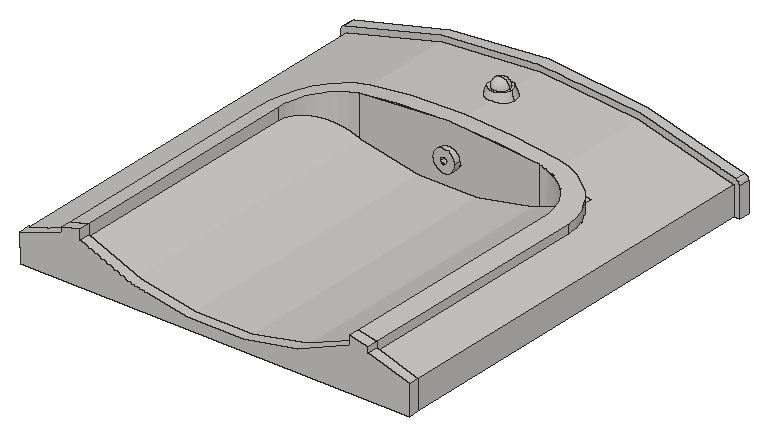
Revit family "Bottle_Filler-Murdock-H2O-To-Go-BFI1-BF12_Series", category Plumbing Fixtures, host Face, Revit 2018
Family settings
  Host = Face
  Round Connector Dimension = Use Diameter
  Part Type = Normal
  OmniClass Number = 23.65.70.14.11
  OmniClass Title = Drinking Fountains/Coolers
  Cut with Voids When Loaded = Yes
  Shared = Yes
  Room Calculation Point = No
Parameters (values of type "BF11")
  Width = 3 1/8"  # constant formula
  Waste Connection = no
  Warranty Information = "Murdock Mfg.™ warrants that its products are free from defects in material or workmanship under normal use and service for a period of 18 months from date of shipment."  # constant formula
  WFU = 2  # constant formula
  Vent Connection = no
  URL = "https://www.murdockmfg.com/home"
  Type Comments = "This push button activated bottle filler connects to a A17 Water Cooler."
  Transformer Specification = "N/A"
  Sensor Visibility = no
  Pushbutton Visibility = yes
  Product Page URL = "https://www.murdockmfg.com/product.aspx?ProductId=895"
  Product Documentation Link = "https://www.murdockmfg.com/uploads/fileLibrary/BF11.pdf"
  Price = "Prices may vary. Please consult Manufacturer Representative for most up-to-date price list."  # constant formula
  Mounting Height From Floor LVL = 30 5/8"
  Model = "BF11"
  Maximum Run Time = "N/A"
  Material = "Stainless Steel-Murdock-Satin"
  Manufacturer = "Murdock Mfg."  # constant formula
  Length = 18 1/4"  # constant formula
  Installation Type = "Wall Mounted"  # constant formula
  Inner Panel Material = Steel-Murdock-Galvannealed
  IAPMO Compliance = "Optional -WF1 has NSF/ANSI 42 & 53 certification"  # constant formula
  Housing Material = Stainless Steel-Murdock-Satin
  Height = 19 1/8"  # constant formula
  HWFU = 1.5  # constant formula
  HW Connection = no
  Flow Rate = "1.00 GPM"  # constant formula
  Description = "Push Button Deck Mount H2O to Go!® Bottler Filler"
  Default Elevation = 0"
  Creation Date = "02/25/2021"  # constant formula
  Cold Water Connection Width = 2"
  Cold Water Connection Radius = Cold Water Connection Diameter / 2  # 3/16"
  Cold Water Connection Height = 19 3/8"
  Cold Water Connection Diameter = 3/8"  # constant formula
  CWFU = 1.5  # constant formula
  CW Connection = yes
  BCD - Bottle Counter Display = no
  BAT Battery Powered Operation = no
  Assembly Code = "D2010820"
  ADA Compliant = yes
  -WF1 1500-gallon capacity, NSF 42+53,1 micron Lead Reduction Filter = no
Types (5): name | Type Comments | Transformer Specification | Sensor Visibility | Pushbutton Visibility | Product Page URL | Product Documentation Link | Model | Maximum Run Time | Description | BCD - Bottle Counter Display | BAT Battery Powered Operation
  (no name) | "This push button activated bottle filler connects to a A17 Water Cooler." | "N/A" | no | yes | "https://www.murdockmfg.com/product.aspx?ProductId=895" | "https://www.murdockmfg.com/uploads/fileLibrary/BF11.pdf" | "BF11" | "N/A" | "Push Button Deck Mount H2O to Go!® Bottler Filler" | no | no
  BF11 | "This push button activated bottle filler connects to a A17 Water Cooler." | "N/A" | no | yes | "https://www.murdockmfg.com/product.aspx?ProductId=895" | "https://www.murdockmfg.com/uploads/fileLibrary/BF11.pdf" | "BF11" | "N/A" | "Push Button Deck Mount H2O to Go!® Bottler Filler" | no | no
  BF12 | "This sensor activted bottle filler connects to a A17 Water Cooler." | "120VAC/9V DC Plug-In Transformer" | yes | no | "https://www.murdockmfg.com/product.aspx?ProductId=894" | "https://www.murdockmfg.com/uploads/fileLibrary/BF12.pdf" | "BF12" | "20 Seconds" | "H2O-To-Go!® Sensor-Operated Water Refill Station (A17/A19 Add-On)" | no | no
  BF12-BAT | "This sensor activted bottle filler connects to a A17 Water Cooler." | "120VAC/9V DC Plug-In Transformer" | yes | no | "https://www.murdockmfg.com/product.aspx?ProductId=894" | "https://www.murdockmfg.com/uploads/fileLibrary/BF12.pdf" | "BF12-BAT" | "20 Seconds" | "H2O-To-Go!® Sensor-Operated Water Refill Station (A17/A19 Add-On)" | no | yes
  BF12-BCD | "This sensor activted bottle filler connects to a A17 Water Cooler." | "120VAC/9V DC Plug-In Transformer" | yes | no | "https://www.murdockmfg.com/product.aspx?ProductId=894" | "https://www.murdockmfg.com/uploads/fileLibrary/BF12.pdf" | "BF12-BCD" | "20 Seconds" | "H2O-To-Go!® Sensor-Operated Water Refill Station (A17/A19 Add-On)" | yes | no
Reference planes (in)
  plane 1 "Center (Front/Back)": y = 0
  plane 2: z = 0
  plane 3 "Center (Left/Right)": x = 0
  plane 4: y = 19.125
  plane 5: x = -9.125
  plane 6: x = 9.125
  plane 7: z = 3.125
  plane 8: y = 13.125
  plane 9: x = -7
  plane 10: x = 7
  plane 11: y = -30.625
  plane 12: y = -14.75
  plane 13: y = -11.25
  plane 14: x = -2
Forms (in)
  Extrusion 1, solid, material "Stainless Steel-Murdock-Satin" <- "Housing Material"
    sketch origin (21.84744, 33.875, -2.03125) x (1, 0, 0) y (0, 0, -1)
      loop
        arc (-30.72244, -3.34053) -> (-21.84744, -4.875) -> (-12.97244, -3.34053) r 26.43269
        line (-12.97244, -3.34053) -> (-12.97244, -2.03125) -> (-30.72244, -2.03125) -> (-30.72244, -3.34053)
    from -33.875 to -15.25
  Extrusion 2, solid, material "Steel-Murdock-Galvannealed" <- "Inner Panel Material"
    sketch origin (21.84744, -25.125, -2.03125) x (1, 0, 0) y (0, 0, 1)
      loop
        arc (-30.80628, 3.60923) -> (-30.92672, 3.51782) -> (-30.97244, 3.37371) r 0.25
        line (-30.97244, 3.37371) -> (-30.97244, 2.03125) -> (-12.72244, 2.03125) -> (-12.72244, 3.37371)
        arc (-12.72244, 3.37371) -> (-12.76816, 3.51782) -> (-12.8886, 3.60923) r 0.25
        arc (-12.8886, 3.60923) -> (-21.84744, 5.15625) -> (-30.80628, 3.60923) r 26.71394
    from -44.25 to -43.75
  Extrusion 3, solid, material "Steel-Murdock-Galvannealed" <- "Inner Panel Material"
    sketch origin (0, -10.375, -2.03125) x (1, 0, 0) y (0, 1, 0)
      loop
        line (4.37725, 24.5) -> (-4.19104, 24.5)
        spline (-4.19104, 24.5) -> (-4.55727, 24.47596) -> (-4.9173, 24.40464) -> (-5.26496, 24.28726) -> (-5.59426, 24.12538) -> (-5.89976, 23.92211) -> (-6.17617, 23.68089) -> (-6.41849, 23.4055) -> (-6.62288, 23.10088) -> (-6.78576, 22.7723) -> (-6.90394, 22.42516) -> (-6.97577, 22.06553) -> (-7, 21.69962)
        line (-7, 21.69962) -> (-7, 10.875) -> (-6.1875, 10.875) -> (-6.1875, 21.69962)
        spline (-6.1875, 21.69962) -> (-6.16989, 21.96725) -> (-6.11734, 22.2303) -> (-6.03077, 22.48426) -> (-5.91165, 22.72481) -> (-5.76202, 22.94781) -> (-5.58445, 23.14946) -> (-5.38196, 23.3263) -> (-5.15802, 23.4753) -> (-4.91647, 23.59392) -> (-4.66144, 23.68013) -> (-4.39729, 23.73246) -> (-4.12854, 23.75)
        line (-4.12854, 23.75) -> (4.14807, 23.75)
        spline (4.14807, 23.75) -> (4.41682, 23.73253) -> (4.68097, 23.68042) -> (4.936, 23.59456) -> (5.17755, 23.47642) -> (5.40149, 23.32802) -> (5.60398, 23.1519) -> (5.78155, 22.95107) -> (5.93118, 22.72898) -> (6.0503, 22.48941) -> (6.13687, 22.23647) -> (6.18942, 21.97449) -> (6.20703, 21.70795)
        line (6.20703, 21.70795) -> (6.20703, 10.875) -> (7, 10.875) -> (7, 21.89304)
        spline (7, 21.89304) -> (6.97733, 22.23405) -> (6.91011, 22.56917) -> (6.79957, 22.89257) -> (6.64726, 23.19859) -> (6.4562, 23.48219) -> (6.22977, 23.73848) -> (5.9716, 23.96286) -> (5.68638, 24.15187) -> (5.37905, 24.30233) -> (5.05467, 24.41142) -> (4.71884, 24.47767) -> (4.37725, 24.5)
    from 2.03125 to 7.375
  Extrusion 4, solid, material "Steel-Murdock-Galvannealed" <- "Inner Panel Material"
    sketch origin (64.85245, 14.375, -2.03125) x (1, 0, 0) y (0, 0, -1)
      loop
        circle (-64.85245, -3.625) r 0.5
      loop
        circle (-64.85245, -3.625) r 0.14544
    from -1.25 to 4.25
  Extrusion 5, void
    sketch origin (64.85245, 14.375, -2.03125) x (-1, 0, 0) y (0, 0, -1)
      loop
        line (55.72745, -7.375) -> (73.97745, -7.375) -> (73.97745, -3.54946)
        arc (73.97745, -3.54946) -> (64.85245, -5.15625) -> (55.72745, -3.54946) r 26.71394
        line (55.72745, -3.54946) -> (55.72745, -7.375)
    from -4.25 to 18
  Extrusion 6, void
    sketch origin (64.85245, 14.375, -2.03125) x (-1, 0, 0) y (0, 0, -1)
      loop
        arc (58.45855, -4.0784) -> (58.80561, -5.08608) -> (59.61244, -5.78242) r 2.04564
        line (59.61244, -5.78242) -> (70.09245, -5.78242)
        arc (70.09245, -5.78242) -> (70.90846, -5.07241) -> (71.24832, -4.04553) r 2.04564
        arc (71.24832, -4.04553) -> (64.84926, -2.43754) -> (58.45855, -4.0784) r 13.3997
    from 0.875 to 14.375
  Extrusion 7, solid, material "Stainless Steel-Murdock-Satin" <- "Housing Material"
    sketch origin (21.84744, 44.25, -2.03125) x (1, 0, 0) y (0, 0, -1)
      loop
        line (-12.94119, -2.03125) -> (-30.75369, -2.03125) -> (-30.75369, -3.36062)
        arc (-30.75369, -3.36062) -> (-29.81014, -3.67837) -> (-28.85529, -3.96036) r 26.43269
        line (-28.85529, -3.96036) -> (-28.85529, -4.22068)
        arc (-28.85529, -4.22068) -> (-28.44012, -4.32997) -> (-28.02325, -4.43258) r 26.71394
        line (-28.02325, -4.43258) -> (-28.02325, -3.96062)
        arc (-28.02325, -3.96062) -> (-21.83024, -2.46884) -> (-15.64819, -4.00536) r 13.3997
        line (-15.64819, -4.00536) -> (-15.64819, -4.427)
        arc (-15.64819, -4.427) -> (-15.24308, -4.327) -> (-14.83958, -4.22068) r 26.71394
        line (-14.83958, -4.22068) -> (-14.83958, -3.96036)
        arc (-14.83958, -3.96036) -> (-13.88474, -3.67837) -> (-12.94119, -3.36062) r 26.43269
        line (-12.94119, -3.36062) -> (-12.94119, -2.03125)
    from -44.25 to -43.75
  Extrusion 8, solid, material "Stainless Steel-Murdock-Satin" <- "Housing Material"
    sketch origin (0, 0, 0) x (1, 0, 0) y (0, 1, 0)
      loop
        line (6.46648, 13.54466) -> (5.99796, 13.54466)
        arc (5.99796, 13.54466) -> (6.24821, 13.31083) -> (6.46648, 13.04689) r 2.67009
        line (6.46648, 13.04689) -> (6.46648, 13.54466)
      loop
        line (-6.46648, 13.54466) -> (-6.46648, 12.72423)
        arc (-6.46648, 12.72423) -> (-6.12235, 13.17594) -> (-5.69047, 13.54466) r 2.67009
        line (-5.69047, 13.54466) -> (-6.46648, 13.54466)
    from 0 to 2.53286
  Extrusion 9, void
    sketch origin (21.81619, -2.625, 0) x (1, 0, 0) y (0, 0, -1)
      loop
        arc (-15.31924, -2.03286) -> (-16.86206, -2.37534) -> (-18.4226, -2.625) r 26.43269
        line (-18.4226, -2.625) -> (-15.31924, -2.625) -> (-15.31924, -2.03286)
      loop
        line (-28.31313, -2.03286) -> (-28.31313, -2.53286) -> (-25.85828, -2.53286)
        arc (-25.85828, -2.53286) -> (-27.09163, -2.31196) -> (-28.31313, -2.03286) r 26.43269
    from 14.29072 to 17.41966
  Revolve 10, solid, material "Stainless Steel-Murdock-Satin" <- "Housing Material", visible <- "Pushbutton Visibility"
    sketch origin (21.81619, 16.375, 0) x (1, 0, 0) y (0, 0, -1)
      loop
        line (-21.81619, -2.72517) -> (-22.51682, -2.72517) -> (-22.33136, -3.23473) -> (-22.19051, -3.23473)
        arc (-22.19051, -3.23473) -> (-22.08112, -3.50088) -> (-21.81619, -3.61318) r 0.37847
        line (-21.81619, -3.61318) -> (-21.81619, -2.72517)
      axis (-21.81619, -3.61318) -> (-21.81619, -2.72517)
    angle from 0 to 360
  Extrusion 11, solid, material "Stainless Steel-Murdock-Satin" <- "Housing Material", not visible
    sketch origin (0, 0, 0) x (1, 0, 0) y (0, 1, 0)
      loop
        circle (-2, -11.25) r 0.1875
    from 0 to 0.09633
  Extrusion 12, solid, material "Plastic-Murdock-Blue", visible <- "BCD - Bottle Counter Display"
    sketch origin (-29.92754, 0, 0) x (1, 0, 0) y (0, 1, 0)
      loop
        spline (31.9951, 17.34846) -> (31.66208, 17.38062) -> (31.32827, 17.40695) -> (30.99383, 17.42744) -> (30.65891, 17.44208) -> (30.32368, 17.45087) -> (29.98827, 17.4538) -> (29.65285, 17.45087) -> (29.31757, 17.44208) -> (28.98259, 17.42743) -> (28.64806, 17.40694) -> (28.31414, 17.38061) -> (27.98097, 17.34845)
        spline (27.98097, 17.34845) -> (27.90107, 17.34325) -> (27.8225, 17.32777) -> (27.74657, 17.30226) -> (27.67454, 17.26714) -> (27.60763, 17.22301) -> (27.54694, 17.1706) -> (27.49348, 17.11078) -> (27.44815, 17.04454) -> (27.4117, 16.973) -> (27.38473, 16.89734) -> (27.36771, 16.81883) -> (27.3609, 16.73877)
        line (27.3609, 16.73877) -> (27.3609, 15.83488)
        spline (27.3609, 15.83488) -> (27.36914, 15.73744) -> (27.38994, 15.64191) -> (27.42294, 15.5499) -> (27.46759, 15.46299) -> (27.52313, 15.38262) -> (27.58861, 15.31018) -> (27.66294, 15.24688) -> (27.74484, 15.1938) -> (27.83294, 15.15184) -> (27.92574, 15.1217) -> (28.02167, 15.1039) -> (28.1191, 15.09874)
        arc (28.1191, 15.09874) -> (29.92653, 15.11812) -> (31.73396, 15.09878) r 84.35591
        spline (31.73396, 15.09878) -> (31.83148, 15.10368) -> (31.92754, 15.12127) -> (32.0205, 15.15125) -> (32.10878, 15.19311) -> (32.19089, 15.24613) -> (32.26543, 15.30942) -> (32.33112, 15.38191) -> (32.38686, 15.46235) -> (32.4317, 15.54939) -> (32.46487, 15.64153) -> (32.48582, 15.73723) -> (32.49418, 15.83485)
        line (32.49418, 15.83485) -> (32.49418, 16.85819)
        spline (32.49418, 16.85819) -> (32.48868, 16.92259) -> (32.47495, 16.98575) -> (32.45324, 17.0466) -> (32.42389, 17.10413) -> (32.3874, 17.1574) -> (32.34438, 17.2055) -> (32.29554, 17.24764) -> (32.24169, 17.28312) -> (32.18374, 17.31134) -> (32.12263, 17.33185) -> (32.0594, 17.34429) -> (31.9951, 17.34846)
    from 0 to 3.13339
  Extrusion 13, solid, material "Plastic-Murdock-Black", visible <- "Sensor Visibility"
    sketch origin (0, 0, 0) x (1, 0, 0) y (0, 1, 0)
      loop
        spline (0, 6.25) -> (0.03176, 6.25852) -> (0.06136, 6.28349) -> (0.08678, 6.32322) -> (0.10628, 6.375) -> (0.11854, 6.4353) -> (0.12272, 6.5) -> (0.11854, 6.5647) -> (0.10628, 6.625) -> (0.08678, 6.67678) -> (0.06136, 6.71651) -> (0.03176, 6.74148) -> (0, 6.75)
        spline (0, 6.75) -> (-0.03176, 6.74148) -> (-0.06136, 6.71651) -> (-0.08678, 6.67678) -> (-0.10628, 6.625) -> (-0.11854, 6.5647) -> (-0.12272, 6.5) -> (-0.11854, 6.4353) -> (-0.10628, 6.375) -> (-0.08678, 6.32322) -> (-0.06136, 6.28349) -> (-0.03176, 6.25852) -> (0, 6.25)
    from 0 to 0.41367
Cuts and joins
  Extrusion 6 cuts Extrusion 1
  Extrusion 5, Extrusion 9 cuts Extrusion 8
  joined: Extrusion 1, Extrusion 7, Extrusion 8
  Extrusion 5 cuts Extrusion 3
  Extrusion 5 cuts Extrusion 12
Lines and regions (in)
  Masking region 1
    outline origin (21.84744, 14.75, 0) x (1, 0, 0) y (0, 0, 1)
      loop
        arc (-12.72244, 1.34246) -> (-12.76816, 1.48657) -> (-12.8886, 1.57798) r 0.25
        arc (-12.8886, 1.57798) -> (-17.02741, 2.68656) -> (-21.29022, 3.11919) r 26.71394
        arc (-21.29022, 3.11919) -> (-21.84744, 3.125) -> (-22.40466, 3.11919) r 26.71394
        arc (-22.40466, 3.11919) -> (-26.66747, 2.68656) -> (-30.80628, 1.57798) r 26.71394
        arc (-30.80628, 1.57798) -> (-30.92672, 1.48657) -> (-30.97244, 1.34246) r 0.25
        line (-30.97244, 1.34246) -> (-30.97244, 0) -> (-12.72244, 0) -> (-12.72244, 1.34246)
  Masking region 2, visible <- "Pushbutton Visibility"
    outline origin (21.81619, -2.625, 0) x (1, 0, 0) y (0, 0, -1)
      loop
        line (-21.30102, -3.23473) -> (-21.25897, -3.11919)
        arc (-21.25897, -3.11919) -> (-21.81619, -3.125) -> (-22.37341, -3.11919) r 26.71394
        line (-22.37341, -3.11919) -> (-22.33136, -3.23473) -> (-22.19051, -3.23473)
        arc (-22.19051, -3.23473) -> (-21.81619, -3.60906) -> (-21.44186, -3.23473) r 0.37433
        line (-21.44186, -3.23473) -> (-21.30102, -3.23473)
  symbolic lines, detail levels medium+fine
    curve 1: circle (7.60866, -2.625, 0.86357) r 0.25 normal (0, 1, 0)
    curve 3: circle (-7.64377, -2.625, 0.86357) r 0.25 normal (0, -1, 0)
  symbolic lines, detail levels fine
    curve 2: circle (7.60866, -2.625, 0.86357) r 0.125 normal (0, 1, 0)
    curve 4: circle (-7.64377, -2.625, 0.86357) r 0.125 normal (0, -1, 0)
  symbolic lines, visible <- "Pushbutton Visibility", detail levels fine
    curve 5: line (-0.51517, -2.625, 3.23473) -> (0.51517, -2.625, 3.23473)
Dimensions and locks (in)
  "Height": plane 1 "Center (Front/Back)" to plane 4
  equal spacing: plane 5, plane 3 "Center (Left/Right)", plane 6
  "Length": plane 5 to plane 6
  "Width": plane 7 to host face
  equal spacing: plane 9, plane 3 "Center (Left/Right)", plane 10
  plane 9 to plane 10 = 14"
  "Mounting Height From Floor LVL": plane 1 "Center (Front/Back)" to plane 11
  "Cold Water Connection Width": plane 14 to plane 3 "Center (Left/Right)"
  "Cold Water Connection Height": plane 13 to plane 11
  locked: plane 13 to plane 12 at 3.5
  "Cold Water Connection Radius": radius of Extrusion 11 sketch curve
  aligned and locked: plane 2 to host face
  aligned and locked: level to host face
  aligned and locked: plane 1 "Center (Front/Back)" to Extrusion 1
  aligned and locked: Extrusion 4 to plane 8
  aligned and locked: Masking region 1 sketch curve to plane 6
  aligned and locked: Masking region 1 sketch curve to plane 5
  aligned and locked: curve 5 to Revolve 10
  aligned and locked: Extrusion 1 to host face
  aligned and locked: Extrusion 3 to host face
  aligned and locked: plane 14 to Extrusion 11 sketch curve
  aligned and locked: plane 13 to Extrusion 11 sketch curve
Automatic sketch dimensions
  host sketch curve to host sketch curve = 96"  (x2)
  curve 1 to curve 2 = 0"  (x2)
  curve 3 to curve 4 = 0"  (x2)
  curve 3 to plane 9 = 0.64377"
  curve 1 to plane 10 = 0.60866"
  level to curve 1 = 0.86357"
  level to curve 4 = 0.86357"
  curve 5 to plane 3 "Center (Left/Right)" = 0.51517"
  plane 3 "Center (Left/Right)" to curve 5 = 0.51517"
  Extrusion 1 sketch curve to level = 0"
  Extrusion 1 sketch curve to plane 3 "Center (Left/Right)" = 0"
  plane 5 to Extrusion 1 sketch curve = 1/4"
  plane 6 to Extrusion 1 sketch curve = 1/4"
  level to Extrusion 1 sketch curve = 1.30928"
  Extrusion 1 sketch curve to level = 23.58894"
  Extrusion 2 sketch curve to level = 0"
  Extrusion 2 sketch curve to plane 5 = 0"
  Extrusion 2 sketch curve to plane 3 "Center (Left/Right)" = 0"
  plane 6 to Extrusion 2 sketch curve = 0"
  Extrusion 2 sketch curve to Extrusion 2 sketch curve = 1/4"  (x2)
  Extrusion 2 sketch curve to level = 23.58894"
  level to Extrusion 2 sketch curve = 1.34246"
  Extrusion 2 sketch curve to Extrusion 2 sketch curve = 1.34246"
  Extrusion 2 sketch curve to Extrusion 2 sketch curve = 0"
  Extrusion 3 sketch curve to plane 9 = 0"
  Extrusion 3 sketch curve to plane 10 = 0"
  plane 9 to Extrusion 3 sketch curve = 13/16"
  plane 8 to Extrusion 3 sketch curve = 1"
  Extrusion 3 sketch curve to plane 14 = 2.19104"
  plane 8 to Extrusion 3 sketch curve = 1/4"
  Extrusion 3 sketch curve to Extrusion 3 sketch curve = 1/16"
  plane 10 to Extrusion 3 sketch curve = 2.85193"
  Extrusion 3 sketch curve to Extrusion 3 sketch curve = 0.22917"
  Extrusion 3 sketch curve to Extrusion 3 sketch curve = 203/256"
  Extrusion 3 sketch curve to plane 8 = 1.60696"
  Extrusion 3 sketch curve to Extrusion 3 sketch curve = 0.18508"
  Extrusion 3 sketch curve to plane 8 = 1.80038"
  Extrusion 3 sketch curve to Extrusion 3 sketch curve = 0"
  Extrusion 3 sketch curve to plane 1 "Center (Front/Back)" = 1/2"  (x2)
  Extrusion 4 sketch curve to Extrusion 4 sketch curve = 0"  (x2)
  Extrusion 4 sketch curve to plane 3 "Center (Left/Right)" = 0"
  Extrusion 4 sketch curve to plane 7 = 1 17/32"
  plane 6 to Extrusion 5 sketch curve = 0"
  Extrusion 5 sketch curve to plane 3 "Center (Left/Right)" = 0"
  Extrusion 5 sketch curve to plane 5 = 0"
  plane 7 to Extrusion 5 sketch curve = 2 7/32"
  level to Extrusion 5 sketch curve = 1.51821"
  Extrusion 5 sketch curve to level = 23.58894"
  plane 10 to Extrusion 6 sketch curve = 1.75999"
  Extrusion 6 sketch curve to plane 7 = 1.21716"  (x2)
  Extrusion 6 sketch curve to Extrusion 6 sketch curve = 0.887"
  Extrusion 6 sketch curve to plane 3 "Center (Left/Right)" = 1/32"
  Extrusion 6 sketch curve to plane 14 = 2.35301"
  plane 7 to Extrusion 6 sketch curve = 0.62617"
  plane 9 to Extrusion 6 sketch curve = 1.75999"
  plane 7 to Extrusion 6 sketch curve = 10.68095"
  plane 10 to Extrusion 6 sketch curve = 0.6061"
  Extrusion 7 sketch curve to Extrusion 7 sketch curve = 0"  (x4)
  Extrusion 7 sketch curve to level = 0"
  Extrusion 7 sketch curve to plane 3 "Center (Left/Right)" = 0"  (x2)
  Extrusion 7 sketch curve to plane 3 "Center (Left/Right)" = 1/32"
  plane 9 to Extrusion 7 sketch curve = 0.82419"
  Extrusion 7 sketch curve to plane 9 = 0.00785"
  plane 5 to Extrusion 7 sketch curve = 7/32"
  plane 10 to Extrusion 7 sketch curve = 0.80075"
  Extrusion 7 sketch curve to plane 10 = 0.00785"
  plane 6 to Extrusion 7 sketch curve = 7/32"
  level to Extrusion 7 sketch curve = 1.32937"  (x2)
  level to Extrusion 7 sketch curve = 1.92911"
  Extrusion 7 sketch curve to Extrusion 7 sketch curve = 0.00026"
  Extrusion 7 sketch curve to Extrusion 7 sketch curve = 0.045"
  Extrusion 7 sketch curve to Extrusion 7 sketch curve = 0.26032"  (x2)
  Extrusion 7 sketch curve to Extrusion 7 sketch curve = 0.42164"
  plane 9 to Extrusion 8 sketch curve = 0.53352"
  plane 8 to Extrusion 8 sketch curve = 0.41966"  (x2)
  Extrusion 8 sketch curve to Extrusion 8 sketch curve = 0.77601"
  Extrusion 8 sketch curve to plane 14 = 2.18252"
  plane 10 to Extrusion 8 sketch curve = 2.69607"
  plane 10 to Extrusion 8 sketch curve = 1.00204"
  Extrusion 8 sketch curve to Extrusion 8 sketch curve = 0.46852"
  Extrusion 8 sketch curve to plane 8 = 5/64"
  Extrusion 8 sketch curve to plane 8 = 0.40077"
  Extrusion 9 sketch curve to Extrusion 9 sketch curve = 0"  (x2)
  Extrusion 9 sketch curve to plane 3 "Center (Left/Right)" = 0"
  Extrusion 9 sketch curve to plane 7 = 0.59214"
  Extrusion 9 sketch curve to plane 14 = 2.04209"
  plane 9 to Extrusion 9 sketch curve = 0.50305"
  Extrusion 9 sketch curve to plane 7 = 1/2"
  plane 3 "Center (Left/Right)" to Extrusion 9 sketch curve = 3.39359"
  plane 10 to Extrusion 9 sketch curve = 0.50305"
  Extrusion 9 sketch curve to Extrusion 9 sketch curve = 1/2"
  Revolve 10 sketch curve to plane 3 "Center (Left/Right)" = 0"  (x2)
  plane 7 to Revolve 10 sketch curve = 0.10973"
  Revolve 10 sketch curve to plane 3 "Center (Left/Right)" = 0.37433"
  Revolve 10 sketch curve to Revolve 10 sketch curve = 0.14084"
  Revolve 10 sketch curve to Revolve 10 sketch curve = 0.18546"
  plane 3 "Center (Left/Right)" to Revolve 10 sketch curve = 0.00414"
  Revolve 10 sketch curve to plane 7 = 0.39983"
  Revolve 10 sketch curve to Revolve 10 sketch curve = 3.01182"
  level to Revolve 10 sketch curve = 1 1/8"
  Extrusion 12 sketch curve to plane 3 "Center (Left/Right)" = 0"
  Extrusion 12 sketch curve to plane 14 = 0.56664"
  plane 3 "Center (Left/Right)" to Extrusion 12 sketch curve = 2.56664"
  Extrusion 12 sketch curve to plane 11 = 38.61279"
  plane 8 to Extrusion 12 sketch curve = 2.70985"
  plane 8 to Extrusion 12 sketch curve = 2.70988"
  Extrusion 12 sketch curve to Extrusion 12 sketch curve = 0.90389"
  Extrusion 12 sketch curve to Extrusion 12 sketch curve = 1.02334"
  plane 14 to Extrusion 12 sketch curve = 0.19156"
  plane 14 to Extrusion 12 sketch curve = 0.18299"
  plane 14 to Extrusion 12 sketch curve = 0.05354"
  plane 14 to Extrusion 12 sketch curve = 0.05343"
  Extrusion 12 sketch curve to Extrusion 12 sketch curve = 0.00333"
  plane 14 to Extrusion 12 sketch curve = 0.04598"
  Extrusion 12 sketch curve to plane 5 = 6.44364"
  plane 3 "Center (Left/Right)" to Extrusion 12 sketch curve = 0.03285"
  Extrusion 12 sketch curve to Extrusion 12 sketch curve = 0.76022"
  Extrusion 12 sketch curve to Extrusion 12 sketch curve = 0.74889"
  Extrusion 12 sketch curve to Extrusion 12 sketch curve = 0.01607"
  Extrusion 12 sketch curve to Extrusion 12 sketch curve = 0.49941"
  Extrusion 12 sketch curve to Extrusion 12 sketch curve = 0.00032"
  Extrusion 12 sketch curve to Extrusion 12 sketch curve = 0.0494"
  Extrusion 12 sketch curve to plane 1 "Center (Front/Back)" = 4.70882"
  Extrusion 12 sketch curve to Extrusion 12 sketch curve = 0.73614"
  Extrusion 12 sketch curve to Extrusion 12 sketch curve = 0.01279"
  Masking region 2 sketch curve to plane 3 "Center (Left/Right)" = 0"  (x2)
  plane 7 to Masking region 2 sketch curve = 0.10973"
  Masking region 2 sketch curve to plane 3 "Center (Left/Right)" = 0.37433"
  Masking region 2 sketch curve to Masking region 2 sketch curve = 0.14084"
  Masking region 2 sketch curve to plane 7 = 0.00581"  (x2)
  Masking region 2 sketch curve to Masking region 2 sketch curve = 0.04205"  (x2)
  Masking region 2 sketch curve to level = 23.58894"
  Masking region 1 sketch curve to Masking region 1 sketch curve = 0"  (x5)
  Masking region 1 sketch curve to plane 3 "Center (Left/Right)" = 0"
  Masking region 1 sketch curve to level = 0"
  Masking region 1 sketch curve to Masking region 1 sketch curve = 1/4"
  plane 6 to Masking region 1 sketch curve = 1/4"
  level to Masking region 1 sketch curve = 1.34246"  (x2)
  Masking region 1 sketch curve to plane 7 = 0.00581"  (x2)
  plane 3 "Center (Left/Right)" to Masking region 1 sketch curve = 0.55722"
  Extrusion 13 sketch curve to plane 3 "Center (Left/Right)" = 0"
  Extrusion 13 sketch curve to plane 1 "Center (Front/Back)" = 6 1/4"
  Extrusion 13 sketch curve to Extrusion 13 sketch curve = 1/4"
  radius of curve 1 = 1/4"
  radius of curve 2 = 1/8"
  radius of curve 3 = 1/4"
  radius of curve 4 = 1/8"
  radius of Extrusion 4 sketch curve = 1/2"
  radius of Extrusion 4 sketch curve = 0.14544"
Connectors (in)
  piping at (-2, -11.25, 0), diameter 0.375, driven by "Cold Water Connection Diameter", driven by "CWFU"
    settings: on Extrusion 11, index 1, connector inside diameter 24", connector length 0", flow factor 0, pipe flow 0 GPM, pressure drop 0.00 psi, fitting loss kfactor 0, connector angle 0.00°, fixture units 1.5, engagement length 0", angle of deflection 0.00°, flow configuration 3, flow direction 1, fitting loss method 0, system type 20, joint type 0, gender type 0, connector reference index -1, connector utility 0, adjustable connector no, is connector primary yes, connector description "3/8\" OD CW Supply Inlet Connection"
